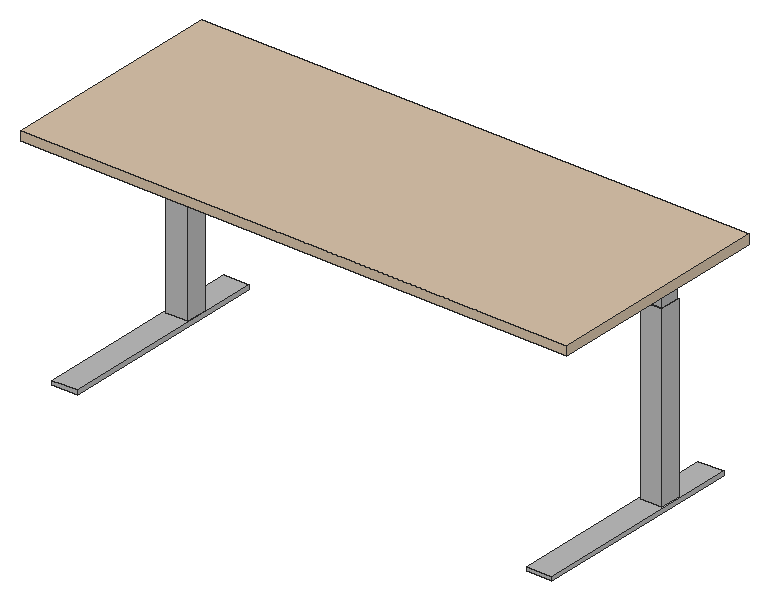
Revit family "Haworth_Planes_HeightAdjustTable_Rectangular", category Furniture Systems, Revit 2018
Family settings
  Round Connector Dimension = Use Diameter
  Part Type = Normal
  OmniClass Number = 23.40.70.14.64.21
  OmniClass Title = Systems Furniture
  Work Plane-Based = No
  Always vertical = Yes
  Cut with Voids When Loaded = No
  Shared = No
  Room Calculation Point = No
Parameters (values of type "70w 29d")
  Width = 70"
  Warranty = "http://www.haworth.com/resources/product-info/warranties"
  URL - Product = "http://www.haworth.com/products/tables/height-adjustable/planes"
  Table Finish [instance] = Haworth _ Laminate _ Maple H-AE
  Table Edge Finish [instance] = Haworth _ Laminate _ Maple H-AE
  Sustainability Info = "http://media.haworth.com/asset/5175/Planes%20tables%20PEDS.pdf"
  Model = "TARA"  # constant formula
  Min. Height = 27"  # constant formula
  Max. Height = 46"  # constant formula
  Leg Location = if(Depth < 29", 6 3/8", 8 3/8")  # 8 3/8"
  Leg Finish [instance] = Haworth _ Paint _ Metallic Champagne
  Leg Depth 29 = Depth > 27"  # yes
  Leg Depth 23 = not(Leg Depth 29)  # no
  Knife Edge = not(Edgeband)  # no
  Height = 29"
  Edgeband = yes
  Description = "Haworth - Planes HAT Rectangular"  # constant formula
  URL = "www.haworth.com"
  Table Thickness = 1 3/16"  # constant formula
  Size = "Verify Final Dim. w/ Haworth"  # constant formula
  Revision Number = "4"  # constant formula
  Min/Max Width = "34-70 in."  # constant formula
  Standard Depths = "23, 29 in."  # constant formula
  Min. Width = 34"  # constant formula
  Max. Width = 70"  # constant formula
  Min. Depth = 23"  # constant formula
  Max. Depth = 29"  # constant formula
  Manufacturer = "Haworth"  # constant formula
  Leg Height = Actual Height - Table Thickness  # 27 13/16"
  Depth = 29"
  Custom Size = not(and(or(Depth = 23", Depth = 29"), or(Width = 34", Width = 40", Width = 46", Width = 52", Width = 58", Width = 64", Width = 70")))  # no
  Base Tube Finish = Haworth _ Paint _ Smoke
  Author = "Haworth (Alias), SHAPE Environments, LLC"  # constant formula
  Assembly Code = "E2020200"
  Actual Width = if(Width < Min. Width, Min. Width, if(Width > Max. Width, Max. Width, Width))  # 70"
  Actual Height = if(Height > Max. Height, Max. Height, if(Height < Min. Height, Min. Height, Height))  # 29"
  Actual Depth = if(Depth > Max. Depth, Max. Depth, if(Depth < Min. Depth, Min. Depth, Depth))  # 29"
Reference planes (in)
  plane 1 "Center F/B": y = 0
  plane 2: z = 0
  plane 3 "Center L/R": x = 0
  plane 4 "Table Edge Left": x = -35
  plane 5 "Table Edge Right": x = 35
  plane 6 "Table Edge Front": y = 14.5
  plane 7 "Table Edge Back": y = -14.5
  plane 8 "Top": z = 29
  plane 9 "Top Bottom": z = 27.8125
  plane 10 "Left Leg": x = -31.75
  plane 11 "Right Leg": x = 31.75
  plane 12 "Leg F/B": y = 6.125
  plane 13: y = 9.25
  plane 14: y = 8.375
  plane 15: z = 27.25
  plane 16: z = 25.6875
  plane 17: y = 3
  plane 18: y = 3.875
Forms (in)
  Extrusion 1, solid, material "Haworth _ Paint _ Metallic Champagne" <- "Leg Finish"
    sketch origin (0, 0, 0) x (0, 1, 0) y (0, 0, 1)
      loop
        line (9.25, 27.25) -> (9.25, 27.8125) -> (3, 27.8125) -> (3, 27.25) -> (3.875, 27.25) -> (3.875, 25.6875) -> (8.375, 25.6875) -> (8.375, 27.25) -> (9.25, 27.25)
    from -31.75 to 31.75
Dimensions and locks (in)
  "Actual Width": plane 4 "Table Edge Left" to plane 5 "Table Edge Right"
  equal spacing: plane 4 "Table Edge Left", plane 3 "Center L/R", plane 5 "Table Edge Right"
  "Actual Depth": plane 6 "Table Edge Front" to plane 7 "Table Edge Back"
  equal spacing: plane 6 "Table Edge Front", plane 1 "Center F/B", plane 7 "Table Edge Back"
  "Actual Height": plane 8 "Top" to level
  "Table Thickness": plane 8 "Top" to plane 9 "Top Bottom"
  locked: plane 4 "Table Edge Left" to plane 10 "Left Leg" at 3.25
  locked: plane 11 "Right Leg" to plane 5 "Table Edge Right" at 3.25
  plane 14 to plane 12 "Leg F/B" to plane 18 = 2 1/4", 2 1/4"
  plane 9 "Top Bottom" to plane 15 to plane 16 = 9/16", 1 9/16"
  plane 13 to plane 12 "Leg F/B" to plane 17 = 3 1/8", 3 1/8"
  "Leg Location": plane 6 "Table Edge Front" to plane 12 "Leg F/B"
  aligned and locked: plane 15 to Extrusion 1 sketch curve  (x2)
  aligned and locked: plane 14 to Extrusion 1 sketch curve
  aligned and locked: plane 16 to Extrusion 1 sketch curve
  aligned and locked: Extrusion 1 sketch curve to plane 18
  aligned and locked: Extrusion 1 sketch curve to plane 17
  aligned and locked: plane 9 "Top Bottom" to Extrusion 1 sketch curve
  aligned and locked: plane 13 to Extrusion 1 sketch curve
  aligned and locked: Extrusion 1 to plane 10 "Left Leg"
  aligned and locked: plane 11 "Right Leg" to Extrusion 1
  aligned and locked: plane 2 to nested 1
  aligned and locked: nested 2 to plane 2
  aligned and locked: plane 11 "Right Leg" to nested 2
  aligned and locked: plane 10 "Left Leg" to nested 1
  aligned and locked: nested 1 to plane 12 "Leg F/B"
  aligned and locked: plane 12 "Leg F/B" to nested 2
  aligned and locked: plane 2 to nested 3
  aligned and locked: plane 1 "Center F/B" to nested 3
  aligned and locked: plane 3 "Center L/R" to nested 3
Nested families (in)
  nested 1: "Haworth_Support-Height_Adjustable_Leg_Part" at (-30.375, 6.125, 0), type "Leg"
    with Top Support Front 14 1/8", Leg Length Middle 9 1/8", Leg Length Front 19 5/16", Leg Length Back 8 1/8", Actual Depth 27 7/16", 29 Deep yes, 23 Deep no
  nested 2: "Haworth_Support-Height_Adjustable_Leg_Part" at (30.375, 6.125, 0) x (-1, 0, 0) z (0, 0, 1), type "Leg"
    with Top Support Front 14 1/8", Leg Length Middle 9 1/8", Leg Length Front 19 5/16", Leg Length Back 8 1/8", Actual Depth 27 7/16", 29 Deep yes, 23 Deep no
  nested 3: "Haworth_Planes_Worksurface_Rectangular_Part" at (0, -15, 0), type "Worksurface"
    with Actual Width 70", Actual Depth 29"
Definition of nested family "Haworth_Support-Height_Adjustable_Leg_Part"
  Parameters (values of type "Leg")
    URL = "www.haworth.com"
    Top Support Front = if([29 Deep], 14 1/8", 8 1/8")  # 8 1/8"
    Note = "Verify Final Dim. w/ Haworth"  # constant formula
    Manufacturer = "Haworth"  # constant formula
    Leg Length Middle = if([29 Deep], 9 1/8", 7 1/8")  # 7 1/8"
    Leg Length Front = if([29 Deep], 19 5/16", 16 5/16")  # 16 5/16"
    Leg Length Back = if([29 Deep], 8 1/8", 5 1/8")  # 5 1/8"
    Leg Height = 27 13/16"
    Leg Finish = none
    Glide Finish = none
    Base Tube Finish = none
    Assembly Code = ""
    Actual Depth = if([29 Deep], 27 7/16", 21 7/16")  # 21 7/16"
    29 Deep = not([23 Deep])  # no
    23 Deep = yes
  Reference planes (in)
    plane 1 "Center (Front/Back)": y = 0
    plane 2 "Bottom": z = 0
    plane 3 "Center (Left/Right)": x = 0
    plane 4 "Bottom of Top": z = 27.8125
    plane 5 "Top of Base": z = 2.5625
    plane 6: z = 1.5625
    plane 7: y = 2.4375
    plane 8: y = -12.125
    plane 9: x = 1.375
    plane 10: x = -1.375
    plane 11: x = -1.625
    plane 12: x = 1.625
    plane 13: y = 5.125
    plane 14: y = -16.3125
    plane 15: y = -14.9375
    plane 16: y = 3.9375
    plane 17 "Support Bottom": z = 25.1875
    plane 18: z = 26.5
    plane 19: y = 7.875
    plane 20: y = -8.125
    plane 21 "Top of Leg": z = 23.5625
  Forms (in)
    Extrusion 1, solid, material <- "Leg Finish"
      sketch origin (0, 0, 0) x (0, -1, 0) y (0, 0, -1)
        loop
          line (16.3125, -0.375) -> (-5.125, -0.375) -> (-5.125, -0.875) -> (16.3125, -0.875) -> (16.3125, -0.375)
      from -1.625 to 1.625
    Extrusion 2, solid, material <- "Leg Finish"
      sketch origin (0, 0, 2.5625) x (-1, 0, 0) y (0, -1, 0)
        loop
          line (1.375, -1.375) -> (1.375, 1.375) -> (-1.375, 1.375) -> (-1.375, -1.375) -> (1.375, -1.375)
      from -1.6875 to 21
    Extrusion 3, solid, material <- "Leg Finish"
      sketch origin (-1.375, -19.87459, 48) x (0, -1, 0) y (0, 0, -1)
        loop
          line (-10.24959, 20.1875) -> (-10.24959, 21.66628) -> (-16.14638, 22.8125) -> (-20.66006, 22.8125) -> (-26.24959, 20.55418) -> (-26.24959, 20.1875) -> (-10.24959, 20.1875)
      from 0 to -0.125
    Extrusion 4, solid, material <- "Base Tube Finish"
      sketch origin (0, 0, 2.5625) x (-1, 0, 0) y (0, -1, 0)
        loop
          line (1.1875, -1.1875) -> (1.1875, 1.1875) -> (-1.1875, 1.1875) -> (-1.1875, -1.1875) -> (1.1875, -1.1875)
      from 21 to 25.25
    Extrusion 5, solid, material <- "Glide Finish"
      sketch origin (0, 0, 0) x (1, 0, 0) y (0, 1, 0)
        loop
          circle (0, 2.4375) r 1.12339
        loop
          circle (0, -12.125) r 1.12816
      from 0 to 0.375
  Cuts and joins
    joined: Extrusion 1, Extrusion 2
  Lines and regions (in)
    Masking region 1, detail levels medium+fine
      outline origin (0, 0, 0) x (1, 0, 0) y (0, 1, 0)
        loop
          line (-1.625, -16.3125) -> (1.625, -16.3125) -> (1.625, 5.125) -> (-1.625, 5.125) -> (-1.625, -16.3125)
    symbolic lines, detail levels medium+fine
      curve 1: line (-1.375, 1.375, 0) -> (1.375, 1.375, 0)
      curve 2: line (-1.375, -1.375, 0) -> (-1.375, 1.375, 0)
      curve 3: line (1.375, -1.375, 0) -> (-1.375, -1.375, 0)
      curve 4: line (1.375, 1.375, 0) -> (1.375, -1.375, 0)
  Dimensions and locks (in)
    "Leg Height": plane 4 "Bottom of Top" to level
    level to plane 5 "Top of Base" = 2 9/16"
    level to plane 6 = 1 9/16"
    locked: plane 10 to plane 9 at 2.75
    locked: plane 11 to plane 12 at 3.25
    equal spacing: plane 11, plane 3 "Center (Left/Right)", plane 12
    equal spacing: plane 10, plane 3 "Center (Left/Right)", plane 9
    plane 4 "Bottom of Top" to plane 17 "Support Bottom" = 2 5/8"
    Extrusion 2 sketch curve to plane 1 "Center (Front/Back)" to Extrusion 2 sketch curve = 1 3/8", 1 3/8"
    locked: plane 21 "Top of Leg" to level at 23.5625
    "Leg Length Front": plane 14 to plane 1 "Center (Front/Back)"
    "Leg Length Back": plane 1 "Center (Front/Back)" to plane 13
    locked: plane 14 to plane 15 at 1.375
    locked: plane 15 to plane 8 at 2.8125
    locked: plane 16 to plane 13 at 1.1875
    locked: plane 7 to plane 16 at 1.5
    plane 1 "Center (Front/Back)" to plane 13 = 5 1/8"
    "Top Support Front": plane 20 to plane 1 "Center (Front/Back)"
    angle plane 4 "Bottom of Top" to Extrusion 3 sketch curve = 22.00°
    angle Extrusion 3 sketch curve to plane 4 "Bottom of Top" = 11.00°
    aligned and locked: plane 12 to Extrusion 1
    aligned and locked: Extrusion 1 to plane 11
    aligned and locked: plane 10 to Extrusion 2 sketch curve
    aligned and locked: Extrusion 2 sketch curve to plane 9
    aligned: plane 4 "Bottom of Top" to Extrusion 2
    aligned and locked: Extrusion 3 sketch curve to plane 17 "Support Bottom"
    aligned and locked: Extrusion 3 sketch curve to plane 4 "Bottom of Top"
    aligned and locked: plane 21 "Top of Leg" to cut or joined group of Extrusion 1, Extrusion 2
    aligned and locked: plane 4 "Bottom of Top" to Extrusion 4
    aligned and locked: Extrusion 2 to Extrusion 1
    aligned and locked: Masking region 1 sketch curve to plane 12
    aligned and locked: plane 11 to Masking region 1 sketch curve
    aligned and locked: plane 14 to Masking region 1 sketch curve
    aligned and locked: curve 1 to cut or joined group of Extrusion 1, Extrusion 2
    aligned and locked: curve 2 to cut or joined group of Extrusion 1, Extrusion 2
    aligned and locked: curve 3 to cut or joined group of Extrusion 1, Extrusion 2
    aligned and locked: curve 4 to cut or joined group of Extrusion 1, Extrusion 2
  Automatic sketch dimensions
    plane 19 to Extrusion 3 sketch curve = 1 1/2"
    plane 20 to Extrusion 3 sketch curve = 1 1/2"
    plane 1 "Center (Front/Back)" to Extrusion 3 sketch curve = 0.78546"
    Extrusion 3 sketch curve to plane 1 "Center (Front/Back)" = 3.72822"
    Extrusion 4 sketch curve to plane 9 = 3/16"
    plane 10 to Extrusion 4 sketch curve = 3/16"
    Extrusion 4 sketch curve to plane 1 "Center (Front/Back)" = 1 3/16"
    plane 1 "Center (Front/Back)" to Extrusion 4 sketch curve = 1 3/16"
    Extrusion 5 sketch curve to plane 3 "Center (Left/Right)" = 0"  (x2)
    Extrusion 5 sketch curve to plane 8 = 0"
    Extrusion 5 sketch curve to plane 7 = 0"
    Extrusion 1 sketch curve to plane 13 = 0"
    Extrusion 1 sketch curve to plane 14 = 0"
    Extrusion 1 sketch curve to level = 3/8"
    Extrusion 1 sketch curve to Extrusion 1 sketch curve = 1/2"
    Masking region 1 sketch curve to plane 13 = 0"
    radius of Extrusion 5 sketch curve = 1.12339"
    radius of Extrusion 5 sketch curve = 1.12816"
Definition of nested family "Haworth_Planes_Worksurface_Rectangular_Part"
  Parameters (values of type "Worksurface")
    Width = 0"
    Warranty = "http://www.haworth.com/resources/product-info/warranties"
    URL - Product = ""
    URL = "www.haworth.com"
    Thickness = 1 3/16"  # constant formula
    Table Finish = none
    Table Edge Finish = none
    Size = "Verify Final Dim. w/ Haworth"  # constant formula
    Revision Number = ""
    Model = "Haworth Planes"
    Manufacturer = "Haworth"  # constant formula
    Knife Edge = no
    Height = 0"
    Edgeband = yes
    Description = "Haworth Planes Worksurface - Part"
    Cutout Width = 8"
    Cutout Offset = 6 87/128"  # constant formula
    Cutout Dimension = if(Cutout, 3", 1")  # 1"
    Cutout Depth = 4"
    Cutout = no
    Author = "SHAPE Environments, LLC"  # constant formula
    Assembly Code = ""
    Actual Width = 60"
    Actual Height = 29"
    Actual Depth = 30"
  Reference planes (in)
    plane 1 "Center F/B": y = 15
    plane 2: z = 0
    plane 3 "Center L/R": x = 0
    plane 4 "Table Front": y = 30
    plane 5 "Table Right": x = 30
    plane 6 "Table Left": x = -30
    plane 7 "Table Back": y = 0
    plane 8 "Table Top": z = 29
    plane 9 "Table Bottom": z = 27.8125
    plane 10 "Cutout Top": z = 30
    plane 11 "Cutout Bottom": z = 29
    plane 12 "Knife Edge Middle": z = 28.625
    plane 13 "Cutout Back": y = 23.32031
    plane 14 "Cutout Front": y = 19.32031
    plane 15 "Cutout Middle": y = 21.32031
  Forms (in)
    Extrusion 1, solid, material <- "Table Finish", visible <- "Edgeband"
      sketch origin (0, 0, 0) x (1, 0, 0) y (0, 1, 0)
        loop
          line (-30, 30) -> (-30, 0) -> (30, 0) -> (30, 30) -> (-30, 30)
      from 27.8125 to 29
    Extrusion 2, solid, material <- "Table Finish", visible <- "Knife Edge"
      sketch origin (0, 0, 0) x (1, 0, 0) y (0, 1, 0)
        loop
          line (-30, 30) -> (-30, 0) -> (30, 0) -> (30, 30) -> (-30, 30)
      from 29 to 28.625
    Extrusion 3, void
      sketch origin (0, 0, 29) x (-1, 0, 0) y (0, -1, 0)
        loop
          line (4, -23.32031) -> (4, -19.32031) -> (-4, -19.32031) -> (-4, -23.32031) -> (4, -23.32031)
      from 0 to 1
    Blend 4, solid, material <- "Table Finish", visible <- "Knife Edge"
      base sketch origin (0, 0, 0) x (1, 0, 0) y (0, 1, 0)
        loop
          line (-30, 30) -> (-30, 2) -> (30, 2) -> (30, 30) -> (-30, 30)
      top sketch origin (0, 0, 0) x (1, 0, 0) y (0, 1, 0)
        loop
          line (-30, 30) -> (-30, 0) -> (30, 0) -> (30, 30) -> (-30, 30)
      from 27.8125 to 28.625
  Cuts and joins
    Extrusion 3 cuts Extrusion 2
    joined: Extrusion 2, Blend 4
    Extrusion 3 cuts Extrusion 1
  Lines and regions (in)
    Masking region 1
      outline origin (0, 0, 0) x (1, 0, 0) y (0, 1, 0)
        loop
          line (-30, 30) -> (-30, 0) -> (30, 0) -> (30, 30) -> (-30, 30)
    symbolic lines, visible <- "Cutout"
      curve 1: line (-4, 23.32031, 0) -> (-4, 19.32031, 0)
      curve 2: line (-4, 19.32031, 0) -> (4, 19.32031, 0)
      curve 3: line (4, 19.32031, 0) -> (4, 23.32031, 0)
      curve 4: line (4, 23.32031, 0) -> (-4, 23.32031, 0)
    symbolic lines, visible <- "Knife Edge", detail levels medium+fine
      curve 5: line (-30, 2, 0) -> (30, 2, 0)
  Dimensions and locks (in)
    "Actual Depth": plane 7 "Table Back" to plane 4 "Table Front"
    "Actual Width": plane 6 "Table Left" to plane 5 "Table Right"
    equal spacing: plane 6 "Table Left", plane 3 "Center L/R", plane 5 "Table Right"
    equal spacing: plane 4 "Table Front", plane 1 "Center F/B", plane 7 "Table Back"
    "Thickness": plane 8 "Table Top" to plane 9 "Table Bottom"
    "Actual Height": plane 8 "Table Top" to level
    equal spacing: Extrusion 3 sketch curve, plane 3 "Center L/R", Extrusion 3 sketch curve
    "Cutout Width": Extrusion 3 sketch curve to Extrusion 3 sketch curve
    locked: plane 10 "Cutout Top" to plane 8 "Table Top" at 1
    "Cutout Dimension": plane 10 "Cutout Top" to plane 11 "Cutout Bottom"
    locked: plane 8 "Table Top" to plane 12 "Knife Edge Middle" at 0.375
    locked: plane 7 "Table Back" to curve 5 at 2
    locked: Blend 4 sketch curve to plane 7 "Table Back" at 2
    "Cutout Offset": plane 13 "Cutout Back" to plane 4 "Table Front"
    "Cutout Depth": plane 14 "Cutout Front" to plane 13 "Cutout Back"
    equal spacing: plane 14 "Cutout Front", plane 15 "Cutout Middle", plane 13 "Cutout Back"
    aligned and locked: plane 6 "Table Left" to Extrusion 1 sketch curve
    aligned and locked: Extrusion 1 sketch curve to plane 4 "Table Front"
    aligned and locked: plane 7 "Table Back" to Extrusion 1 sketch curve
    aligned and locked: plane 5 "Table Right" to Extrusion 1 sketch curve
    aligned and locked: plane 8 "Table Top" to Extrusion 1
    aligned and locked: Extrusion 1 to plane 9 "Table Bottom"
    aligned and locked: plane 6 "Table Left" to Extrusion 2 sketch curve
    aligned and locked: plane 5 "Table Right" to Extrusion 2 sketch curve
    aligned and locked: Extrusion 2 sketch curve to plane 4 "Table Front"
    aligned and locked: plane 10 "Cutout Top" to Extrusion 3
    aligned and locked: Extrusion 3 to plane 11 "Cutout Bottom"
    aligned and locked: Masking region 1 sketch curve to plane 7 "Table Back"
    aligned and locked: plane 6 "Table Left" to Masking region 1 sketch curve
    aligned and locked: Masking region 1 sketch curve to plane 4 "Table Front"
    aligned and locked: plane 5 "Table Right" to Masking region 1 sketch curve
    aligned and locked: curve 1 to Extrusion 3
    aligned and locked: Extrusion 3 to curve 3
    aligned and locked: cut or joined group of Extrusion 2, Extrusion 3, Blend 4 to plane 12 "Knife Edge Middle"
    aligned and locked: plane 8 "Table Top" to cut or joined group of Extrusion 2, Extrusion 3, Blend 4
    aligned and locked: Extrusion 2 sketch curve to plane 7 "Table Back"
    aligned and locked: plane 5 "Table Right" to Blend 4 sketch curve  (x2)
    aligned and locked: Blend 4 sketch curve to plane 4 "Table Front"  (x2)
    aligned and locked: plane 6 "Table Left" to Blend 4 sketch curve  (x2)
    aligned and locked: Blend 4 sketch curve to plane 7 "Table Back"
    aligned and locked: Blend 4 to plane 12 "Knife Edge Middle"
    aligned and locked: Blend 4 to plane 9 "Table Bottom"
    aligned and locked: plane 13 "Cutout Back" to Extrusion 3 sketch curve
    aligned and locked: Extrusion 3 sketch curve to plane 14 "Cutout Front"
  Automatic sketch dimensions
    curve 5 to plane 6 "Table Left" = 0"
    curve 5 to plane 5 "Table Right" = 0"
    plane 14 "Cutout Front" to curve 2 = 0"
    plane 13 "Cutout Back" to curve 4 = 0"
